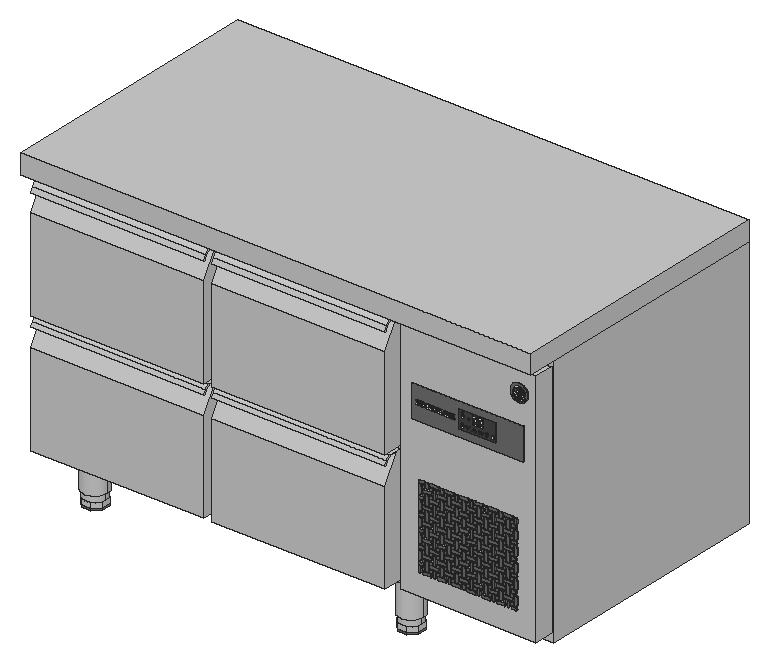
Revit family "QF_HOSHIZAKI_889000830", category Specialty Equipment, Revit 2016 (continued)
Definition of nested family "QF_HOSHIZAKI_ADVANCE_REF-COUNTER-DOORS-DRAWERS"
  Nested families
    nested 4: "2_Drawers_1-2" at (0, 0, 0), Section size <- "Section size", type "2 Drawers 1-2"
      with Worktop thickness 50 mm, Section size 446 mm, Legs height 0 mm, Height Actual 700 mm, Depth Actual 0 mm, 2 Drawers no
    nested 5: "3_Drawers_1-3_2-3" at (0, 0, 0), Section size <- "Section size", type "2 Drawers 1-3 and 2-3"
      with Worktop thickness 40 mm, Section size 446 mm, Legs height 0 mm, Height Actual 750 mm, Depth Actual 0 mm, 2 Drawers 1-3 and 2-3 no
    nested 6: "Right_Glass_Door" at (0, 0, 0), Section size <- "Section size", type "Right glass door"
      with Worktop thickness 40 mm, Section size 446 mm, Legs height 0 mm, Height Actual 750 mm, Depth Actual 0 mm, Right hand hinged glass door no
    nested 7: "Left_Glass_Door" at (0, 0, 0), Section size <- "Section size", type "Left glass door"
      with Worktop thickness 40 mm, Section size 446 mm, Legs height 0 mm, Height Actual 750 mm, Depth Actual 0 mm, Left hand hinged glass door no
  Definition of nested family "3_Drawers_1-3"
    Parameters (values of type "3 Drawers 1-3")
      Worktop thickness [instance] = 50 mm
      URL = "www.specifiglobal.com"
      Section size [instance] = 446 mm
      Model = ""
      Manufacturer = "DEMO CONSULTANT"
      Legs height [instance] = 150 mm
      Height Actual [instance] = 850 mm
      Description = ""
      Depth Actual [instance] = 700 mm
      Assembly Code = "E1090320"
      3 Drawers = yes
    Reference planes
      plane 1 "Back": y = 0
      plane 2: z = 0
      plane 3 "Left": x = 0
      plane 4 "Right": x = 446
      plane 5 "Front": y = -700
      plane 6 "Top": z = 850
      plane 7 "Front door": y = -633
      plane 8 "Bottom shelf": z = 150
      plane 9 "Worktop bottom": z = 800
      plane 10: z = 784
      plane 11: z = 170
      plane 12: z = 584
      plane 13: z = 577
      plane 14: z = 370
      plane 15: z = 377
      plane 16: z = 580.5
      plane 17: z = 373.5
      plane 18: z = 166.5
      plane 19: z = 787.5
    Forms (mm)
      Extrusion 1, solid, visible <- "3 Drawers"
        sketch origin (860, -633, 4000) x (-1, 0, 0) y (0, 0, 1)
          loop
            line (852, -3224) -> (422, -3224) -> (422, -3408) -> (852, -3408) -> (852, -3224)
          loop
            line (823, -3253) -> (451, -3253) -> (451, -3379) -> (823, -3379) -> (823, -3253)
        from 0 to -11
      Extrusion 2, solid, visible <- "3 Drawers"
        sketch origin (0, 0, 0) x (0, 1, 0) y (0, 0, 1)
          loop
            line (-644, 784) -> (-675.296, 784)
            arc (-675.296, 784) -> (-683.245, 781.721) -> (-688.778, 775.576) r 15
            line (-688.778, 775.576) -> (-694, 764.869) -> (-692.202, 763.992) -> (-686.981, 774.699)
            arc (-686.981, 774.699) -> (-682.185, 780.025) -> (-675.296, 782) r 13
            line (-675.296, 782) -> (-656.484, 782) -> (-694, 717.02) -> (-694, 584) -> (-644, 584) -> (-644, 784)
        from 0 to 446
      Extrusion 3, solid, visible <- "3 Drawers"
        sketch origin (0, 0, -237.3) x (0, 1, 0) y (0, 0, 1)
          loop
            line (-644, 814.3) -> (-675.296, 814.3)
            arc (-675.296, 814.3) -> (-683.245, 812.021) -> (-688.778, 805.876) r 15
            line (-688.778, 805.876) -> (-694, 795.169) -> (-692.202, 794.292) -> (-686.981, 804.999)
            arc (-686.981, 804.999) -> (-682.185, 810.325) -> (-675.296, 812.3) r 13
            line (-675.296, 812.3) -> (-656.484, 812.3) -> (-694, 747.32) -> (-694, 614.3) -> (-644, 614.3) -> (-644, 814.3)
        from 0 to 446
      Extrusion 4, solid, visible <- "3 Drawers"
        sketch origin (0, 0, -463.333) x (0, 1, 0) y (0, 0, 1)
          loop
            line (-644, 833.333) -> (-675.296, 833.333)
            arc (-675.296, 833.333) -> (-683.245, 831.054) -> (-688.778, 824.909) r 15
            line (-688.778, 824.909) -> (-694, 814.202) -> (-692.202, 813.326) -> (-686.981, 824.032)
            arc (-686.981, 824.032) -> (-682.185, 829.358) -> (-675.296, 831.333) r 13
            line (-675.296, 831.333) -> (-656.484, 831.333) -> (-694, 766.353) -> (-694, 633.333) -> (-644, 633.333) -> (-644, 833.333)
        from 0 to 446
      Extrusion 5, solid, visible <- "3 Drawers"
        sketch origin (860, -633, 3773.7) x (-1, 0, 0) y (0, 0, 1)
          loop
            line (852, -3204.7) -> (422, -3204.7) -> (422, -3388.7) -> (852, -3388.7) -> (852, -3204.7)
          loop
            line (823, -3233.7) -> (451, -3233.7) -> (451, -3359.7) -> (823, -3359.7) -> (823, -3233.7)
        from 0 to -11
      Extrusion 6, solid, visible <- "3 Drawers"
        sketch origin (860, -633, 3547) x (-1, 0, 0) y (0, 0, 1)
          loop
            line (852, -3185) -> (422, -3185) -> (422, -3369) -> (852, -3369) -> (852, -3185)
          loop
            line (823, -3214) -> (451, -3214) -> (451, -3340) -> (823, -3340) -> (823, -3214)
        from 0 to -11
      Extrusion 7, solid, visible <- "3 Drawers", detail levels coarse
        sketch origin (0, -608.657, 584) x (0, 1, 0) y (-1, 0, 0)
          loop
            line (-85.343, 0) -> (-551.343, 0) -> (-551.343, -446) -> (-85.343, -446) -> (-85.343, 0)
        from 0 to 200
      Extrusion 8, solid, visible <- "3 Drawers", detail levels coarse
        sketch origin (0, -503.657, 377) x (0, 1, 0) y (-1, 0, 0)
          loop
            line (-190.343, 0) -> (-656.343, 0) -> (-656.343, -446) -> (-190.343, -446) -> (-190.343, 0)
        from 0 to 200
      Extrusion 9, solid, visible <- "3 Drawers", detail levels coarse
        sketch origin (0, -343.657, 170) x (0, 1, 0) y (-1, 0, 0)
          loop
            line (-350.343, 0) -> (-816.343, 0) -> (-816.343, -446) -> (-350.343, -446) -> (-350.343, 0)
        from 0 to 200
    Lines and regions (mm)
      symbolic lines, visible <- "3 Drawers"
        curve 1: line (0, -808, 850) -> (0, -854, 850)
        curve 2: line (0, -854, 850) -> (446, -854, 850)
        curve 3: line (446, -854, 850) -> (446, -808, 850)
        curve 4: line (446, -808, 850) -> (0, -808, 850)
        curve 5: line (416, -808, 850) -> (416, -700, 850)
        curve 6: line (30, -808, 850) -> (30, -700, 850)
        curve 7: line (0, -961, 850) -> (0, -1007, 850)
        curve 8: line (0, -1007, 850) -> (446, -1007, 850)
        curve 9: line (446, -1007, 850) -> (446, -961, 850)
        curve 10: line (446, -961, 850) -> (0, -961, 850)
        curve 11: line (416, -961, 850) -> (416, -854, 850)
        curve 12: line (30, -961, 850) -> (30, -854, 850)
        curve 13: line (0, -1114, 850) -> (0, -1160, 850)
        curve 14: line (0, -1160, 850) -> (446, -1160, 850)
        curve 15: line (446, -1160, 850) -> (446, -1114, 850)
        curve 16: line (446, -1114, 850) -> (0, -1114, 850)
        curve 17: line (416, -1114, 850) -> (416, -1007, 850)
        curve 18: line (30, -1114, 850) -> (30, -1007, 850)
    Dimensions and locks
      "Section size": plane 3 "Left" to plane 4 "Right"
      "Depth Actual": plane 5 "Front" to plane 1 "Back"
      "Height Actual": plane 6 "Top" to level
      locked: plane 7 "Front door" to plane 5 "Front" at 67
      "Legs height": plane 8 "Bottom shelf" to plane 2
      "Worktop thickness": plane 6 "Top" to plane 9 "Worktop bottom"
      locked: plane 11 to plane 8 "Bottom shelf" at 20
      locked: plane 9 "Worktop bottom" to plane 10 at 16
      locked: plane 12 to plane 13 at 7
      locked: plane 15 to plane 14 at 7
      locked: plane 11 to plane 18 at 3.5
      equal spacing: plane 12, plane 16, plane 13
      equal spacing: plane 15, plane 17, plane 14
      locked: plane 19 to plane 10 at 3.5
      equal spacing: plane 19, plane 16, plane 17, plane 18
      aligned and locked: level to plane 2
      aligned and locked: Extrusion 2 to plane 4 "Right"
      aligned and locked: Extrusion 3 to plane 4 "Right"
      aligned and locked: Extrusion 4 to plane 4 "Right"
      aligned and locked: plane 4 "Right" to Extrusion 7 sketch curve
      aligned and locked: plane 3 "Left" to Extrusion 7 sketch curve
      aligned and locked: Extrusion 7 to plane 10
      aligned and locked: Extrusion 8 to plane 13
      aligned and locked: Extrusion 9 to plane 14
      aligned and locked: plane 10 to Extrusion 2 sketch curve
      aligned and locked: Extrusion 2 sketch curve to plane 12
      aligned and locked: Extrusion 3 sketch curve to plane 15
      aligned and locked: plane 13 to Extrusion 3 sketch curve
    Automatic sketch dimensions
      plane 4 "Right" to Extrusion 1 sketch curve = 8 mm
      plane 4 "Right" to Extrusion 1 sketch curve = 37 mm
      plane 3 "Left" to Extrusion 1 sketch curve = 37 mm
      plane 3 "Left" to Extrusion 1 sketch curve = 8 mm
      plane 12 to Extrusion 1 sketch curve = 8 mm
      plane 12 to Extrusion 1 sketch curve = 37 mm
      Extrusion 1 sketch curve to plane 10 = 37 mm
      Extrusion 1 sketch curve to plane 10 = 8 mm
      plane 4 "Right" to Extrusion 5 sketch curve = 8 mm
      plane 4 "Right" to Extrusion 5 sketch curve = 37 mm
      plane 3 "Left" to Extrusion 5 sketch curve = 37 mm
      plane 3 "Left" to Extrusion 5 sketch curve = 8 mm
      plane 15 to Extrusion 5 sketch curve = 8 mm
      plane 15 to Extrusion 5 sketch curve = 37 mm
      Extrusion 5 sketch curve to plane 13 = 37 mm
      Extrusion 5 sketch curve to plane 13 = 8 mm
      plane 4 "Right" to Extrusion 6 sketch curve = 8 mm
      plane 4 "Right" to Extrusion 6 sketch curve = 37 mm
      plane 3 "Left" to Extrusion 6 sketch curve = 37 mm
      plane 3 "Left" to Extrusion 6 sketch curve = 8 mm
      plane 11 to Extrusion 6 sketch curve = 8 mm
      plane 11 to Extrusion 6 sketch curve = 37 mm
      Extrusion 6 sketch curve to plane 14 = 37 mm
      Extrusion 6 sketch curve to plane 14 = 8 mm
      Extrusion 7 sketch curve to plane 5 "Front" = 460 mm
      plane 5 "Front" to Extrusion 7 sketch curve = 6 mm
      Extrusion 8 sketch curve to plane 3 "Left" = 0 mm
      Extrusion 8 sketch curve to plane 4 "Right" = 0 mm
      Extrusion 8 sketch curve to plane 5 "Front" = 460 mm
      plane 5 "Front" to Extrusion 8 sketch curve = 6 mm
      Extrusion 9 sketch curve to plane 3 "Left" = 0 mm
      Extrusion 9 sketch curve to plane 4 "Right" = 0 mm
      Extrusion 9 sketch curve to plane 5 "Front" = 460 mm
      plane 5 "Front" to Extrusion 9 sketch curve = 6 mm
      curve 13 to plane 3 "Left" = 0 mm
      curve 14 to plane 4 "Right" = 0 mm
      curve 7 to plane 3 "Left" = 0 mm
      curve 8 to plane 4 "Right" = 0 mm
      curve 1 to plane 3 "Left" = 0 mm
      curve 3 to plane 4 "Right" = 0 mm
      curve 6 to plane 5 "Front" = 0 mm
      curve 5 to plane 5 "Front" = 0 mm
      curve 1 to plane 5 "Front" = 108 mm
      curve 2 to curve 3 = 46 mm
      curve 7 to curve 1 = 107 mm
      curve 9 to curve 9 = 46 mm
      curve 16 to curve 7 = 107 mm
      curve 14 to curve 13 = 46 mm
      curve 8 to curve 17 = 30 mm
      curve 9 to curve 11 = 30 mm
      curve 3 to curve 5 = 30 mm
      plane 3 "Left" to curve 6 = 30 mm
      plane 3 "Left" to curve 18 = 30 mm
      plane 3 "Left" to curve 12 = 30 mm
      Extrusion 2 sketch curve to Extrusion 2 sketch curve = 0 mm  (x3)
      plane 5 "Front" to Extrusion 2 sketch curve = 6 mm  (x2)
      Extrusion 2 sketch curve to Extrusion 2 sketch curve = 1.798 mm  (x2)
      Extrusion 2 sketch curve to Extrusion 2 sketch curve = 11.684 mm
      plane 5 "Front" to Extrusion 2 sketch curve = 43.516 mm
      plane 5 "Front" to Extrusion 2 sketch curve = 56 mm
      Extrusion 2 sketch curve to plane 10 = 66.98 mm
      Extrusion 3 sketch curve to Extrusion 3 sketch curve = 0 mm  (x4)
      Extrusion 3 sketch curve to Extrusion 3 sketch curve = 1.798 mm  (x2)
      plane 5 "Front" to Extrusion 3 sketch curve = 11.222 mm
      Extrusion 3 sketch curve to Extrusion 3 sketch curve = 18.812 mm
      Extrusion 3 sketch curve to plane 7 "Front door" = 11 mm
      Extrusion 3 sketch curve to Extrusion 3 sketch curve = 46.972 mm
      Extrusion 4 sketch curve to Extrusion 4 sketch curve = 0 mm  (x2)
      Extrusion 4 sketch curve to plane 11 = 0 mm
      Extrusion 4 sketch curve to plane 14 = 0 mm
      Extrusion 4 sketch curve to plane 7 "Front door" = 61 mm  (x2)
      Extrusion 4 sketch curve to Extrusion 4 sketch curve = 1.798 mm  (x2)
      Extrusion 4 sketch curve to plane 14 = 8.424 mm
      Extrusion 4 sketch curve to Extrusion 4 sketch curve = 5.222 mm
      Extrusion 4 sketch curve to plane 14 = 9.301 mm
      Extrusion 4 sketch curve to plane 7 "Front door" = 42.296 mm
      Extrusion 4 sketch curve to plane 7 "Front door" = 23.484 mm
      Extrusion 4 sketch curve to plane 7 "Front door" = 11 mm
      Extrusion 4 sketch curve to Extrusion 4 sketch curve = 46.972 mm
      plane 5 "Front" to Extrusion 2 sketch curve = 11.222 mm
      plane 5 "Front" to Extrusion 3 sketch curve = 7.798 mm
      plane 5 "Front" to Extrusion 3 sketch curve = 6 mm
      Extrusion 3 sketch curve to Extrusion 3 sketch curve = 11.684 mm
      Extrusion 3 sketch curve to Extrusion 3 sketch curve = 66.98 mm
      Extrusion 3 sketch curve to Extrusion 3 sketch curve = 0.877 mm
      Extrusion 2 sketch curve to plane 10 = 20.008 mm
      Extrusion 2 sketch curve to Extrusion 2 sketch curve = 0.877 mm
  Definition of nested family "Right_Door"
    Parameters (values of type "Right door")
      Worktop thickness [instance] = 50 mm
      URL = "www.specifiglobal.com"
      Section size [instance] = 446 mm
      Right hand hinged door = yes
      Model = ""
      Manufacturer = "DEMO CONSULTANT"
      Legs height [instance] = 150 mm
      Height Actual [instance] = 850 mm
      Description = ""
      Depth Actual [instance] = 700 mm
      Assembly Code = "E1090320"
    Reference planes
      plane 1 "Back": y = 0
      plane 2: z = 0
      plane 3 "Left": x = 0
      plane 4 "Right": x = 446
      plane 5 "Front": y = -700
      plane 6 "Top": z = 850
      plane 7 "Front door": y = -633
      plane 8 "Bottom shelf": z = 150
      plane 9 "Worktop bottom": z = 800
      plane 10: z = 784
      plane 11: z = 170
    Forms (mm)
      Extrusion 1, solid, visible <- "Right hand hinged door", detail levels coarse
        sketch origin (0, -608.657, 170) x (0, 1, 0) y (-1, 0, 0)
          loop
            arc (-85.343, 0) -> (-400.712, -130.63) -> (-531.343, -446) r 446
            line (-531.343, -446) -> (-85.343, -446) -> (-85.343, 0)
        from 0 to 614
      Extrusion 2, solid, visible <- "Right hand hinged door"
        sketch origin (860, -633, 4000) x (-1, 0, 0) y (0, 0, 1)
          loop
            line (852, -3224) -> (422, -3224) -> (422, -3822) -> (852, -3822) -> (852, -3224)
          loop
            line (823, -3253) -> (451, -3253) -> (451, -3793) -> (823, -3793) -> (823, -3253)
        from 0 to -11
      Extrusion 3, solid, visible <- "Right hand hinged door"
        sketch origin (0, 0, 0) x (0, 1, 0) y (0, 0, 1)
          loop
            line (-644, 784) -> (-675.296, 784)
            arc (-675.296, 784) -> (-683.245, 781.721) -> (-688.778, 775.576) r 15
            line (-688.778, 775.576) -> (-694, 764.869) -> (-692.202, 763.992) -> (-686.981, 774.699)
            arc (-686.981, 774.699) -> (-682.185, 780.025) -> (-675.296, 782) r 13
            line (-675.296, 782) -> (-656.484, 782) -> (-694, 717.02) -> (-694, 170) -> (-644, 170) -> (-644, 784)
        from 0 to 446
    Lines and regions (mm)
      symbolic lines, visible <- "Right hand hinged door"
        curve 1: line (446, -700, 850) -> (446, -1140, 850)
        curve 2: arc (0.04, -700, 850) -> (132.759, -1011.484, 850) -> (446, -1140, 850) r 446
    Dimensions and locks
      "Section size": plane 3 "Left" to plane 4 "Right"
      "Depth Actual": plane 5 "Front" to plane 1 "Back"
      "Height Actual": plane 6 "Top" to level
      locked: plane 7 "Front door" to plane 5 "Front" at 67
      "Legs height": plane 8 "Bottom shelf" to plane 2
      "Worktop thickness": plane 6 "Top" to plane 9 "Worktop bottom"
      locked: plane 11 to plane 8 "Bottom shelf" at 20
      locked: plane 9 "Worktop bottom" to plane 10 at 16
      aligned and locked: level to plane 2
      aligned and locked: Extrusion 1 to plane 10
      aligned and locked: Extrusion 3 to plane 4 "Right"
      aligned and locked: curve 2 to Extrusion 1
      aligned and locked: plane 10 to Extrusion 3 sketch curve
      aligned and locked: Extrusion 3 sketch curve to plane 11
    Automatic sketch dimensions
      plane 4 "Right" to Extrusion 2 sketch curve = 8 mm
      plane 4 "Right" to Extrusion 2 sketch curve = 37 mm
      plane 3 "Left" to Extrusion 2 sketch curve = 37 mm
      plane 3 "Left" to Extrusion 2 sketch curve = 8 mm
      plane 11 to Extrusion 2 sketch curve = 8 mm
      plane 11 to Extrusion 2 sketch curve = 37 mm
      Extrusion 2 sketch curve to plane 10 = 37 mm
      Extrusion 2 sketch curve to plane 10 = 8 mm
      Extrusion 1 sketch curve to plane 4 "Right" = 0 mm
      Extrusion 1 sketch curve to plane 3 "Left" = 0 mm
      plane 5 "Front" to Extrusion 1 sketch curve = 6 mm
      curve 1 to plane 5 "Front" = 0 mm
      curve 2 to plane 5 "Front" = 0 mm
      Extrusion 3 sketch curve to Extrusion 3 sketch curve = 0 mm  (x2)
      Extrusion 3 sketch curve to plane 7 "Front door" = 61 mm  (x2)
      Extrusion 3 sketch curve to Extrusion 3 sketch curve = 1.798 mm  (x2)
      Extrusion 3 sketch curve to plane 10 = 8.424 mm
      Extrusion 3 sketch curve to Extrusion 3 sketch curve = 5.222 mm
      Extrusion 3 sketch curve to plane 10 = 9.301 mm
      Extrusion 3 sketch curve to plane 7 "Front door" = 42.296 mm
      Extrusion 3 sketch curve to plane 7 "Front door" = 23.484 mm
      Extrusion 3 sketch curve to Extrusion 3 sketch curve = 12.484 mm
      Extrusion 3 sketch curve to Extrusion 3 sketch curve = 46.972 mm
  Definition of nested family "Left_Door"
    Parameters (values of type "Left door")
      Worktop thickness [instance] = 50 mm
      URL = "www.specifiglobal.com"
      Section size [instance] = 450 mm
      Model = ""
      Manufacturer = "DEMO CONSULTANT"
      Legs height [instance] = 150 mm
      Left hand hinged door = yes
      Height Actual [instance] = 850 mm
      Description = ""
      Depth Actual [instance] = 700 mm
      Assembly Code = "E1090320"
    Reference planes
      plane 1 "Back": y = 0
      plane 2: z = 0
      plane 3 "Left": x = 0
      plane 4 "Right": x = 450
      plane 5 "Front": y = -700
      plane 6 "Top": z = 850
      plane 7 "Front door": y = -633
      plane 8 "Bottom shelf": z = 150
      plane 9 "Worktop bottom": z = 800
      plane 10: z = 784
      plane 11: z = 170
    Forms (mm)
      Extrusion 1, solid, visible <- "Left hand hinged door"
        sketch origin (860, -633, 4000) x (-1, 0, 0) y (0, 0, 1)
          loop
            line (852, -3224) -> (418, -3224) -> (418, -3822) -> (852, -3822) -> (852, -3224)
          loop
            line (823, -3253) -> (447, -3253) -> (447, -3793) -> (823, -3793) -> (823, -3253)
        from 0 to -11
      Extrusion 2, solid, visible <- "Left hand hinged door"
        sketch origin (0, 0, 0) x (0, 1, 0) y (0, 0, 1)
          loop
            line (-644, 784) -> (-675.296, 784)
            arc (-675.296, 784) -> (-683.245, 781.721) -> (-688.778, 775.576) r 15
            line (-688.778, 775.576) -> (-694, 764.869) -> (-692.202, 763.992) -> (-686.981, 774.699)
            arc (-686.981, 774.699) -> (-682.185, 780.025) -> (-675.296, 782) r 13
            line (-675.296, 782) -> (-656.484, 782) -> (-694, 717.02) -> (-694, 170) -> (-644, 170) -> (-644, 784)
        from 0 to 450
      Extrusion 3, solid, visible <- "Left hand hinged door", detail levels coarse
        sketch origin (0, -608.657, 170) x (0, 1, 0) y (-1, 0, 0)
          loop
            line (-85.343, -450) -> (-85.343, 0) -> (-535.343, 0)
            arc (-535.343, 0) -> (-403.541, -318.198) -> (-85.343, -450) r 450
        from 0 to 614
    Lines and regions (mm)
      symbolic lines, visible <- "Left hand hinged door"
        curve 1: line (0, -700, 850) -> (0, -1144, 850)
        curve 2: arc (0, -1144, 850) -> (316.07, -1014.312, 850) -> (449.96, -700, 850) r 450
    Dimensions and locks
      "Section size": plane 3 "Left" to plane 4 "Right"
      "Depth Actual": plane 5 "Front" to plane 1 "Back"
      "Height Actual": plane 6 "Top" to level
      locked: plane 7 "Front door" to plane 5 "Front" at 67
      "Legs height": plane 8 "Bottom shelf" to plane 2
      "Worktop thickness": plane 6 "Top" to plane 9 "Worktop bottom"
      locked: plane 11 to plane 8 "Bottom shelf" at 20
      locked: plane 9 "Worktop bottom" to plane 10 at 16
      aligned and locked: level to plane 2
      aligned and locked: Extrusion 2 to plane 4 "Right"
      aligned and locked: Extrusion 3 to plane 10
      aligned and locked: curve 2 to Extrusion 3
      aligned and locked: plane 10 to Extrusion 2 sketch curve
      aligned and locked: Extrusion 2 sketch curve to plane 11
    Automatic sketch dimensions
      plane 4 "Right" to Extrusion 1 sketch curve = 8 mm
      plane 4 "Right" to Extrusion 1 sketch curve = 37 mm
      plane 3 "Left" to Extrusion 1 sketch curve = 37 mm
      plane 3 "Left" to Extrusion 1 sketch curve = 8 mm
      plane 11 to Extrusion 1 sketch curve = 8 mm
      plane 11 to Extrusion 1 sketch curve = 37 mm
      Extrusion 1 sketch curve to plane 10 = 37 mm
      Extrusion 1 sketch curve to plane 10 = 8 mm
      Extrusion 3 sketch curve to plane 3 "Left" = 0 mm
      Extrusion 3 sketch curve to plane 4 "Right" = 0 mm
      plane 5 "Front" to Extrusion 3 sketch curve = 6 mm
      curve 1 to plane 5 "Front" = 0 mm
      curve 2 to plane 5 "Front" = 0 mm
      Extrusion 2 sketch curve to Extrusion 2 sketch curve = 0 mm  (x2)
      plane 5 "Front" to Extrusion 2 sketch curve = 6 mm  (x2)
      Extrusion 2 sketch curve to Extrusion 2 sketch curve = 1.798 mm
      plane 5 "Front" to Extrusion 2 sketch curve = 11.222 mm
      Extrusion 2 sketch curve to Extrusion 2 sketch curve = 11.684 mm
      Extrusion 2 sketch curve to Extrusion 2 sketch curve = 18.812 mm
      Extrusion 2 sketch curve to plane 7 "Front door" = 11 mm
      Extrusion 2 sketch curve to plane 10 = 66.98 mm
      Extrusion 2 sketch curve to plane 10 = 20.008 mm
      Extrusion 2 sketch curve to Extrusion 2 sketch curve = 0.877 mm  (x2)
  Definition of nested family "2_Drawers_1-2"
    Parameters (values of type "2 Drawers 1-2")
      Worktop thickness [instance] = 50 mm
      URL = "www.specifiglobal.com"
      Section size [instance] = 446 mm
      Model = ""
      Manufacturer = "DEMO CONSULTANT"
      Legs height [instance] = 150 mm
      Height Actual [instance] = 850 mm
      Description = ""
      Depth Actual [instance] = 700 mm
      Assembly Code = "E1090320"
      2 Drawers = yes
    Reference planes
      plane 1 "Back": y = 0
      plane 2: z = 0
      plane 3 "Left": x = 0
      plane 4 "Right": x = 446
      plane 5 "Front": y = -700
      plane 6 "Top": z = 850
      plane 7 "Front door": y = -633
      plane 8 "Bottom shelf": z = 150
      plane 9 "Worktop bottom": z = 800
      plane 10: z = 784
      plane 11: z = 170
      plane 12: z = 481
      plane 13: z = 473
      plane 14: z = 477
      plane 15: z = 792
      plane 16: z = 160
    Forms (mm)
      Extrusion 1, solid, visible <- "2 Drawers"
        sketch origin (860, -633, 4000) x (-1, 0, 0) y (0, 0, 1)
          loop
            line (852, -3224) -> (422, -3224) -> (422, -3511) -> (852, -3511) -> (852, -3224)
          loop
            line (823, -3253) -> (451, -3253) -> (451, -3482) -> (823, -3482) -> (823, -3253)
        from 0 to -11
      Extrusion 2, solid, visible <- "2 Drawers"
        sketch origin (0, 0, 0) x (0, 1, 0) y (0, 0, 1)
          loop
            line (-644, 784) -> (-675.296, 784)
            arc (-675.296, 784) -> (-683.245, 781.721) -> (-688.778, 775.576) r 15
            line (-688.778, 775.576) -> (-694, 764.869) -> (-692.202, 763.992) -> (-686.981, 774.699)
            arc (-686.981, 774.699) -> (-682.185, 780.025) -> (-675.296, 782) r 13
            line (-675.296, 782) -> (-656.484, 782) -> (-694, 717.02) -> (-694, 481) -> (-644, 481) -> (-644, 784)
        from 0 to 446
      Extrusion 3, solid, visible <- "2 Drawers"
        sketch origin (0, 0, -463.333) x (0, 1, 0) y (0, 0, 1)
          loop
            line (-644, 936.333) -> (-675.296, 936.333)
            arc (-675.296, 936.333) -> (-683.245, 934.054) -> (-688.778, 927.909) r 15
            line (-688.778, 927.909) -> (-694, 917.202) -> (-692.202, 916.326) -> (-686.981, 927.032)
            arc (-686.981, 927.032) -> (-682.185, 932.358) -> (-675.296, 934.333) r 13
            line (-675.296, 934.333) -> (-656.484, 934.333) -> (-694, 869.353) -> (-694, 633.333) -> (-644, 633.333) -> (-644, 936.333)
        from 0 to 446
      Extrusion 4, solid, visible <- "2 Drawers"
        sketch origin (860, -633, 3547) x (-1, 0, 0) y (0, 0, 1)
          loop
            line (852, -3082) -> (422, -3082) -> (422, -3369) -> (852, -3369) -> (852, -3082)
          loop
            line (823, -3111) -> (451, -3111) -> (451, -3340) -> (823, -3340) -> (823, -3111)
        from 0 to -11
      Extrusion 5, solid, visible <- "2 Drawers", detail levels coarse
        sketch origin (0, -608.657, 481) x (0, 1, 0) y (-1, 0, 0)
          loop
            line (-85.343, 0) -> (-551.343, 0) -> (-551.343, -446) -> (-85.343, -446) -> (-85.343, 0)
        from 0 to 303
      Extrusion 6, solid, visible <- "2 Drawers", detail levels coarse
        sketch origin (0, -343.657, 170) x (0, 1, 0) y (-1, 0, 0)
          loop
            line (-350.343, 0) -> (-816.343, 0) -> (-816.343, -446) -> (-350.343, -446) -> (-350.343, 0)
        from 0 to 303
    Lines and regions (mm)
      symbolic lines, visible <- "2 Drawers"
        curve 1: line (0, -884, 850) -> (0, -930, 850)
        curve 2: line (0, -930, 850) -> (446, -930, 850)
        curve 3: line (446, -930, 850) -> (446, -884, 850)
        curve 4: line (446, -884, 850) -> (0, -884, 850)
        curve 5: line (416, -884, 850) -> (416, -700, 850)
        curve 6: line (30, -884, 850) -> (30, -700, 850)
        curve 7: line (0, -1114, 850) -> (0, -1160, 850)
        curve 8: line (0, -1160, 850) -> (446, -1160, 850)
        curve 9: line (446, -1160, 850) -> (446, -1114, 850)
        curve 10: line (446, -1114, 850) -> (0, -1114, 850)
        curve 11: line (416, -1114, 850) -> (416, -930, 850)
        curve 12: line (30, -1114, 850) -> (30, -930, 850)
    Dimensions and locks
      "Section size": plane 3 "Left" to plane 4 "Right"
      "Depth Actual": plane 5 "Front" to plane 1 "Back"
      "Height Actual": plane 6 "Top" to level
      locked: plane 7 "Front door" to plane 5 "Front" at 67
      "Legs height": plane 8 "Bottom shelf" to plane 2
      "Worktop thickness": plane 6 "Top" to plane 9 "Worktop bottom"
      locked: plane 11 to plane 8 "Bottom shelf" at 20
      locked: plane 9 "Worktop bottom" to plane 10 at 16
      equal spacing: plane 9 "Worktop bottom", plane 15, plane 10
      equal spacing: plane 11, plane 16, plane 8 "Bottom shelf"
      plane 12 to plane 13 = 8 mm
      equal spacing: plane 12, plane 14, plane 13
      equal spacing: plane 10, plane 14, plane 11
      aligned and locked: level to plane 2
      aligned and locked: Extrusion 2 to plane 4 "Right"
      aligned and locked: Extrusion 3 to plane 4 "Right"
      aligned and locked: plane 4 "Right" to Extrusion 5 sketch curve
      aligned and locked: plane 3 "Left" to Extrusion 5 sketch curve
      aligned and locked: Extrusion 5 to plane 10
      aligned and locked: Extrusion 6 to plane 13
      aligned and locked: Extrusion 2 sketch curve to plane 12
      aligned and locked: plane 10 to Extrusion 2 sketch curve
      aligned and locked: Extrusion 3 sketch curve to plane 11
      aligned and locked: plane 13 to Extrusion 3 sketch curve
    Automatic sketch dimensions
      plane 4 "Right" to Extrusion 1 sketch curve = 8 mm
      plane 4 "Right" to Extrusion 1 sketch curve = 37 mm
      plane 3 "Left" to Extrusion 1 sketch curve = 37 mm
      plane 3 "Left" to Extrusion 1 sketch curve = 8 mm
      plane 12 to Extrusion 1 sketch curve = 8 mm
      plane 12 to Extrusion 1 sketch curve = 37 mm
      Extrusion 1 sketch curve to plane 10 = 37 mm
      Extrusion 1 sketch curve to plane 10 = 8 mm
      plane 4 "Right" to Extrusion 4 sketch curve = 8 mm
      plane 4 "Right" to Extrusion 4 sketch curve = 37 mm
      plane 3 "Left" to Extrusion 4 sketch curve = 37 mm
      plane 3 "Left" to Extrusion 4 sketch curve = 8 mm
      plane 11 to Extrusion 4 sketch curve = 8 mm
      plane 11 to Extrusion 4 sketch curve = 37 mm
      Extrusion 4 sketch curve to plane 13 = 37 mm
      Extrusion 4 sketch curve to plane 13 = 8 mm
      Extrusion 5 sketch curve to plane 5 "Front" = 460 mm
      plane 5 "Front" to Extrusion 5 sketch curve = 6 mm
      Extrusion 6 sketch curve to plane 3 "Left" = 0 mm
      Extrusion 6 sketch curve to plane 4 "Right" = 0 mm
      Extrusion 6 sketch curve to plane 5 "Front" = 460 mm
      plane 5 "Front" to Extrusion 6 sketch curve = 6 mm
      curve 8 to plane 3 "Left" = 0 mm
      curve 8 to plane 4 "Right" = 0 mm
      curve 3 to plane 4 "Right" = 0 mm
      curve 1 to plane 3 "Left" = 0 mm
      curve 5 to plane 5 "Front" = 0 mm
      curve 6 to plane 5 "Front" = 0 mm
      curve 4 to plane 5 "Front" = 184 mm
      curve 2 to curve 1 = 46 mm
      curve 7 to curve 1 = 184 mm
      curve 9 to curve 9 = 46 mm
      plane 4 "Right" to curve 5 = 30 mm
      plane 4 "Right" to curve 11 = 30 mm
      plane 3 "Left" to curve 12 = 30 mm
      plane 3 "Left" to curve 6 = 30 mm
      Extrusion 2 sketch curve to Extrusion 2 sketch curve = 0 mm  (x2)
      plane 5 "Front" to Extrusion 2 sketch curve = 6 mm  (x2)
      Extrusion 2 sketch curve to Extrusion 2 sketch curve = 1.798 mm  (x2)
      Extrusion 2 sketch curve to Extrusion 2 sketch curve = 5.222 mm
      plane 5 "Front" to Extrusion 2 sketch curve = 24.704 mm
      plane 5 "Front" to Extrusion 2 sketch curve = 43.516 mm
      plane 5 "Front" to Extrusion 2 sketch curve = 56 mm
      Extrusion 2 sketch curve to Extrusion 2 sketch curve = 46.972 mm
      Extrusion 2 sketch curve to Extrusion 2 sketch curve = 0.877 mm
      Extrusion 2 sketch curve to Extrusion 2 sketch curve = 5.699 mm
      plane 5 "Front" to Extrusion 3 sketch curve = 6 mm  (x2)
      Extrusion 3 sketch curve to Extrusion 3 sketch curve = 1.798 mm  (x2)
      Extrusion 3 sketch curve to Extrusion 3 sketch curve = 5.222 mm
      Extrusion 3 sketch curve to Extrusion 3 sketch curve = 11.684 mm
      plane 5 "Front" to Extrusion 3 sketch curve = 43.516 mm
      plane 5 "Front" to Extrusion 3 sketch curve = 56 mm
      Extrusion 3 sketch curve to Extrusion 3 sketch curve = 46.972 mm
      Extrusion 3 sketch curve to Extrusion 3 sketch curve = 0 mm  (x2)
      Extrusion 3 sketch curve to Extrusion 3 sketch curve = 5.699 mm
      Extrusion 3 sketch curve to Extrusion 3 sketch curve = 0.877 mm
  Definition of nested family "3_Drawers_1-3_2-3"
    Parameters (values of type "2 Drawers 1-3 and 2-3")
      Worktop thickness [instance] = 40 mm
      URL = "www.specifiglobal.com"
      Section size [instance] = 421 mm
      Model = ""
      Manufacturer = "DEMO CONSULTANT"
      Legs height [instance] = 150 mm
      Height Actual [instance] = 900 mm
      Description = ""
      Depth Actual [instance] = 700 mm
      Assembly Code = "E1090320"
      2 Drawers 1-3 and 2-3 = yes
    Reference planes
      plane 1 "Back": y = 0
      plane 2: z = 0
      plane 3 "Left": x = 0
      plane 4 "Right": x = 421
      plane 5 "Front": y = -700
      plane 6 "Top": z = 900
      plane 7 "Front door": y = -633
      plane 8 "Bottom shelf": z = 150
      plane 9 "Worktop bottom": z = 860
      plane 10: z = 841
      plane 11: z = 186
      plane 12: z = 627
      plane 13: z = 620
      plane 14: z = 623.5
      plane 15: z = 850.5
      plane 16: z = 168
    Forms (mm)
      Extrusion 1, solid, visible <- "2 Drawers 1-3 and 2-3"
        sketch origin (860, -633, 4000) x (-1, 0, 0) y (0, 0, 1)
          loop
            line (852, -3167) -> (447, -3167) -> (447, -3365) -> (852, -3365) -> (852, -3167)
          loop
            line (823, -3196) -> (476, -3196) -> (476, -3336) -> (823, -3336) -> (823, -3196)
        from 0 to -11
      Extrusion 2, solid, visible <- "2 Drawers 1-3 and 2-3"
        sketch origin (0, 0, 0) x (0, 1, 0) y (0, 0, 1)
          loop
            line (-644, 841) -> (-675.296, 841)
            arc (-675.296, 841) -> (-683.245, 838.721) -> (-688.778, 832.576) r 15
            line (-688.778, 832.576) -> (-694, 821.869) -> (-692.202, 820.992) -> (-686.981, 831.699)
            arc (-686.981, 831.699) -> (-682.185, 837.025) -> (-675.296, 839) r 13
            line (-675.296, 839) -> (-656.484, 839) -> (-694, 774.02) -> (-694, 627) -> (-644, 627) -> (-644, 841)
        from 0 to 421
      Extrusion 3, solid, visible <- "2 Drawers 1-3 and 2-3"
        sketch origin (0, 0, -463.333) x (0, 1, 0) y (0, 0, 1)
          loop
            line (-644, 1083.333) -> (-675.296, 1083.333)
            arc (-675.296, 1083.333) -> (-683.245, 1081.054) -> (-688.778, 1074.909) r 15
            line (-688.778, 1074.909) -> (-694, 1064.202) -> (-692.202, 1063.326) -> (-686.981, 1074.032)
            arc (-686.981, 1074.032) -> (-682.185, 1079.358) -> (-675.296, 1081.333) r 13
            line (-675.296, 1081.333) -> (-656.484, 1081.333) -> (-694, 1016.353) -> (-694, 649.333) -> (-644, 649.333) -> (-644, 1083.333)
        from 0 to 421
      Extrusion 4, solid, visible <- "2 Drawers 1-3 and 2-3"
        sketch origin (860, -633, 3547) x (-1, 0, 0) y (0, 0, 1)
          loop
            line (852, -2935) -> (447, -2935) -> (447, -3353) -> (852, -3353) -> (852, -2935)
          loop
            line (823, -2964) -> (476, -2964) -> (476, -3324) -> (823, -3324) -> (823, -2964)
        from 0 to -11
      Extrusion 5, solid, visible <- "2 Drawers 1-3 and 2-3", detail levels coarse
        sketch origin (0, -608.657, 627) x (0, 1, 0) y (-1, 0, 0)
          loop
            line (-85.343, 0) -> (-551.343, 0) -> (-551.343, -421) -> (-85.343, -421) -> (-85.343, 0)
        from 0 to 214
      Extrusion 6, solid, visible <- "2 Drawers 1-3 and 2-3", detail levels coarse
        sketch origin (0, -343.657, 186) x (0, 1, 0) y (-1, 0, 0)
          loop
            line (-350.343, 0) -> (-816.343, 0) -> (-816.343, -421) -> (-350.343, -421) -> (-350.343, 0)
        from 0 to 434
    Lines and regions (mm)
      symbolic lines, visible <- "2 Drawers 1-3 and 2-3"
        curve 1: line (0, -804, 900) -> (0, -850, 900)
        curve 2: line (0, -850, 900) -> (421, -850, 900)
        curve 3: line (421, -850, 900) -> (421, -804, 900)
        curve 4: line (421, -804, 900) -> (0, -804, 900)
        curve 5: line (391, -804, 900) -> (391, -700, 900)
        curve 6: line (30, -804, 900) -> (30, -700, 900)
        curve 7: line (0, -1114, 900) -> (0, -1160, 900)
        curve 8: line (0, -1160, 900) -> (421, -1160, 900)
        curve 9: line (421, -1160, 900) -> (421, -1114, 900)
        curve 10: line (421, -1114, 900) -> (0, -1114, 900)
        curve 11: line (391, -1114, 900) -> (391, -850, 900)
        curve 12: line (30, -1114, 900) -> (30, -850, 900)
    Dimensions and locks
      "Section size": plane 3 "Left" to plane 4 "Right"
      "Depth Actual": plane 5 "Front" to plane 1 "Back"
      "Height Actual": plane 6 "Top" to level
      locked: plane 7 "Front door" to plane 5 "Front" at 67
      "Legs height": plane 8 "Bottom shelf" to plane 2
      "Worktop thickness": plane 6 "Top" to plane 9 "Worktop bottom"
      locked: plane 11 to plane 8 "Bottom shelf" at 36
      locked: plane 9 "Worktop bottom" to plane 10 at 19
      locked: plane 12 to plane 13 at 7
      equal spacing: plane 9 "Worktop bottom", plane 15, plane 10
      equal spacing: plane 11, plane 16, plane 8 "Bottom shelf"
      locked: Extrusion 4 sketch curve to plane 13 at 37
      locked: Extrusion 4 sketch curve to plane 13 at 8
      equal spacing: plane 12, plane 14, plane 13
      locked: plane 10 to plane 12 at 214
      aligned and locked: level to plane 2
      aligned and locked: Extrusion 2 to plane 4 "Right"
      aligned and locked: Extrusion 3 to plane 4 "Right"
      aligned and locked: plane 4 "Right" to Extrusion 5 sketch curve
      aligned and locked: plane 3 "Left" to Extrusion 5 sketch curve
      aligned and locked: Extrusion 5 to plane 10
      aligned and locked: Extrusion 6 to plane 13
      aligned and locked: plane 10 to Extrusion 2 sketch curve
      aligned and locked: Extrusion 2 sketch curve to plane 12
      aligned and locked: Extrusion 3 sketch curve to plane 11
      aligned and locked: plane 13 to Extrusion 3 sketch curve
    Automatic sketch dimensions
      plane 4 "Right" to Extrusion 1 sketch curve = 8 mm
      plane 4 "Right" to Extrusion 1 sketch curve = 37 mm
      plane 3 "Left" to Extrusion 1 sketch curve = 37 mm
      plane 3 "Left" to Extrusion 1 sketch curve = 8 mm
      plane 12 to Extrusion 1 sketch curve = 8 mm
      plane 12 to Extrusion 1 sketch curve = 37 mm
      Extrusion 1 sketch curve to plane 10 = 37 mm
      Extrusion 1 sketch curve to plane 10 = 8 mm
      plane 4 "Right" to Extrusion 4 sketch curve = 8 mm
      plane 4 "Right" to Extrusion 4 sketch curve = 37 mm
      plane 3 "Left" to Extrusion 4 sketch curve = 37 mm
      plane 3 "Left" to Extrusion 4 sketch curve = 8 mm
      plane 11 to Extrusion 4 sketch curve = 8 mm
      plane 11 to Extrusion 4 sketch curve = 37 mm
      Extrusion 5 sketch curve to plane 5 "Front" = 460 mm
      plane 5 "Front" to Extrusion 5 sketch curve = 6 mm
      Extrusion 6 sketch curve to plane 3 "Left" = 0 mm
      Extrusion 6 sketch curve to plane 4 "Right" = 0 mm
      Extrusion 6 sketch curve to plane 5 "Front" = 460 mm
      plane 5 "Front" to Extrusion 6 sketch curve = 6 mm
      curve 8 to plane 3 "Left" = 0 mm
      curve 8 to plane 4 "Right" = 0 mm
      curve 3 to plane 4 "Right" = 0 mm
      curve 1 to plane 3 "Left" = 0 mm
      curve 5 to plane 5 "Front" = 0 mm
      curve 6 to plane 5 "Front" = 0 mm
      curve 4 to plane 5 "Front" = 104 mm
      curve 2 to curve 1 = 46 mm
      curve 7 to curve 1 = 264 mm
      curve 9 to curve 9 = 46 mm
      curve 3 to curve 5 = 30 mm
      plane 4 "Right" to curve 11 = 30 mm
      plane 3 "Left" to curve 12 = 30 mm
      plane 3 "Left" to curve 6 = 30 mm
      Extrusion 2 sketch curve to Extrusion 2 sketch curve = 0 mm  (x2)
      Extrusion 2 sketch curve to plane 7 "Front door" = 61 mm  (x2)
      Extrusion 2 sketch curve to Extrusion 2 sketch curve = 1.798 mm  (x2)
      Extrusion 2 sketch curve to Extrusion 2 sketch curve = 5.222 mm
      Extrusion 2 sketch curve to Extrusion 2 sketch curve = 11.684 mm
      Extrusion 2 sketch curve to Extrusion 2 sketch curve = 18.812 mm
      Extrusion 2 sketch curve to Extrusion 2 sketch curve = 50 mm
      Extrusion 2 sketch curve to Extrusion 2 sketch curve = 46.972 mm
      Extrusion 2 sketch curve to Extrusion 2 sketch curve = 0.877 mm
      Extrusion 2 sketch curve to Extrusion 2 sketch curve = 5.699 mm
      Extrusion 3 sketch curve to Extrusion 3 sketch curve = 0 mm  (x2)
      plane 5 "Front" to Extrusion 3 sketch curve = 6 mm  (x2)
      Extrusion 3 sketch curve to Extrusion 3 sketch curve = 1.798 mm  (x2)
      plane 5 "Front" to Extrusion 3 sketch curve = 11.222 mm
      Extrusion 3 sketch curve to Extrusion 3 sketch curve = 11.684 mm
      Extrusion 3 sketch curve to Extrusion 3 sketch curve = 18.812 mm
      Extrusion 3 sketch curve to plane 7 "Front door" = 11 mm
      Extrusion 3 sketch curve to Extrusion 3 sketch curve = 57.679 mm
      Extrusion 3 sketch curve to Extrusion 3 sketch curve = 10.706 mm
      Extrusion 3 sketch curve to Extrusion 3 sketch curve = 5.699 mm
  Definition of nested family "Right_Glass_Door"
    Parameters (values of type "Right glass door")
      Worktop thickness [instance] = 40 mm
      URL = "www.specifiglobal.com"
      Section size [instance] = 421 mm
      Right hand hinged glass door = yes
      Model = ""
      Manufacturer = "DEMO CONSULTANT"
      Legs height [instance] = 150 mm
      Height Actual [instance] = 900 mm
      Description = ""
      Depth Actual [instance] = 700 mm
      Assembly Code = "E1090320"
    Reference planes
      plane 1 "Back": y = 0
      plane 2: z = 0
      plane 3 "Left": x = 0
      plane 4 "Right": x = 421
      plane 5 "Front": y = -700
      plane 6 "Top": z = 900
      plane 7 "Front door": y = -633
      plane 8 "Bottom shelf": z = 150
      plane 9 "Worktop bottom": z = 860
      plane 10: z = 841
      plane 11: z = 186
    Forms (mm)
      Extrusion 1, solid, visible <- "Right hand hinged glass door", detail levels coarse
        sketch origin (0, -608.657, 186) x (0, 1, 0) y (-1, 0, 0)
          loop
            arc (-85.343, 0) -> (-383.035, -123.308) -> (-506.343, -421) r 421
            line (-506.343, -421) -> (-85.343, -421) -> (-85.343, 0)
        from 0 to 655
      Extrusion 2, solid, visible <- "Right hand hinged glass door"
        sketch origin (860, -633, 4000) x (-1, 0, 0) y (0, 0, 1)
          loop
            line (852, -3167) -> (447, -3167) -> (447, -3806) -> (852, -3806) -> (852, -3167)
          loop
            line (823, -3196) -> (476, -3196) -> (476, -3777) -> (823, -3777) -> (823, -3196)
        from 0 to -11
      Extrusion 3, solid, visible <- "Right hand hinged glass door"
        sketch origin (0, -633, 0) x (-1, 0, 0) y (0, 0, 1)
          loop
            line (0, 841) -> (-421, 841) -> (-421, 186) -> (0, 186) -> (0, 841)
          loop
            line (-50, 791) -> (-371, 791) -> (-371, 236) -> (-50, 236) -> (-50, 791)
        from -11 to -61
      Extrusion 4, solid, visible <- "Right hand hinged glass door"
        sketch origin (0, -633, 0) x (-1, 0, 0) y (0, 0, 1)
          loop
            line (-50, 791) -> (-371, 791) -> (-371, 236) -> (-50, 236) -> (-50, 791)
        from -51 to -61
    Lines and regions (mm)
      symbolic lines, visible <- "Right hand hinged glass door"
        curve 1: line (421, -700, 900) -> (421, -1115, 900)
        curve 2: arc (0.043, -700, 900) -> (125.437, -993.806, 900) -> (421, -1115, 900) r 421
    Dimensions and locks
      "Section size": plane 3 "Left" to plane 4 "Right"
      "Depth Actual": plane 5 "Front" to plane 1 "Back"
      "Height Actual": plane 6 "Top" to level
      locked: plane 7 "Front door" to plane 5 "Front" at 67
      "Legs height": plane 8 "Bottom shelf" to plane 2
      "Worktop thickness": plane 6 "Top" to plane 9 "Worktop bottom"
      locked: plane 11 to plane 8 "Bottom shelf" at 36
      locked: plane 9 "Worktop bottom" to plane 10 at 19
      locked: plane 11 to Extrusion 4 sketch curve at 50
      locked: Extrusion 4 sketch curve to plane 3 "Left" at 50
      locked: Extrusion 4 sketch curve to plane 10 at 50
      locked: plane 4 "Right" to Extrusion 4 sketch curve at 50
      aligned and locked: level to plane 2
      aligned and locked: Extrusion 1 to plane 10
      aligned and locked: Extrusion 3 sketch curve to Extrusion 1  (x2)
      aligned and locked: curve 2 to Extrusion 1
    Automatic sketch dimensions
      plane 4 "Right" to Extrusion 2 sketch curve = 8 mm
      plane 4 "Right" to Extrusion 2 sketch curve = 37 mm
      plane 3 "Left" to Extrusion 2 sketch curve = 37 mm
      plane 3 "Left" to Extrusion 2 sketch curve = 8 mm
      plane 11 to Extrusion 2 sketch curve = 8 mm
      plane 11 to Extrusion 2 sketch curve = 37 mm
      Extrusion 2 sketch curve to plane 10 = 37 mm
      Extrusion 2 sketch curve to plane 10 = 8 mm
      plane 4 "Right" to Extrusion 3 sketch curve = 50 mm
      plane 3 "Left" to Extrusion 3 sketch curve = 50 mm
      plane 11 to Extrusion 3 sketch curve = 50 mm
      Extrusion 3 sketch curve to plane 10 = 50 mm
      Extrusion 1 sketch curve to plane 4 "Right" = 0 mm
      Extrusion 1 sketch curve to plane 3 "Left" = 0 mm
      plane 5 "Front" to Extrusion 1 sketch curve = 6 mm
      plane 4 "Right" to Extrusion 3 sketch curve = 0 mm
      Extrusion 3 sketch curve to plane 3 "Left" = 0 mm
      curve 1 to plane 5 "Front" = 0 mm
      curve 2 to plane 5 "Front" = 0 mm
  Definition of nested family "Left_Glass_Door"
    Parameters (values of type "Left glass door")
      Worktop thickness [instance] = 40 mm
      URL = "www.specifiglobal.com"
      Section size [instance] = 421 mm
      Model = ""
      Manufacturer = "DEMO CONSULTANT"
      Legs height [instance] = 150 mm
      Left hand hinged glass door = yes
      Height Actual [instance] = 900 mm
      Description = ""
      Depth Actual [instance] = 700 mm
      Assembly Code = "E1090320"
    Reference planes
      plane 1 "Back": y = 0
      plane 2: z = 0
      plane 3 "Left": x = 0
      plane 4 "Right": x = 421
      plane 5 "Front": y = -700
      plane 6 "Top": z = 900
      plane 7 "Front door": y = -633
      plane 8 "Bottom shelf": z = 150
      plane 9 "Worktop bottom": z = 860
      plane 10: z = 841
      plane 11: z = 186
    Forms (mm)
      Extrusion 1, solid, visible <- "Left hand hinged glass door"
        sketch origin (860, -633, 4000) x (-1, 0, 0) y (0, 0, 1)
          loop
            line (852, -3167) -> (447, -3167) -> (447, -3806) -> (852, -3806) -> (852, -3167)
          loop
            line (823, -3196) -> (476, -3196) -> (476, -3777) -> (823, -3777) -> (823, -3196)
        from 0 to -11
      Extrusion 2, solid, visible <- "Left hand hinged glass door"
        sketch origin (0, -633, 0) x (-1, 0, 0) y (0, 0, 1)
          loop
            line (0, 841) -> (-421, 841) -> (-421, 186) -> (0, 186) -> (0, 841)
          loop
            line (-50, 791) -> (-371, 791) -> (-371, 236) -> (-50, 236) -> (-50, 791)
        from -11 to -61
      Extrusion 3, solid, visible <- "Left hand hinged glass door"
        sketch origin (0, -633, 0) x (-1, 0, 0) y (0, 0, 1)
          loop
            line (-50, 791) -> (-371, 791) -> (-371, 236) -> (-50, 236) -> (-50, 791)
        from -51 to -61
      Extrusion 4, solid, visible <- "Left hand hinged glass door", detail levels coarse
        sketch origin (0, -608.657, 186) x (0, 1, 0) y (-1, 0, 0)
          loop
            line (-85.343, 0) -> (-506.343, 0)
            arc (-506.343, 0) -> (-383.035, -297.692) -> (-85.343, -421) r 421
            line (-85.343, -421) -> (-85.343, 0)
        from 0 to 655
    Lines and regions (mm)
      symbolic lines, visible <- "Left hand hinged glass door"
        curve 1: line (0, -700, 900) -> (0, -1115, 900)
        curve 2: arc (0, -1115, 900) -> (295.563, -993.806, 900) -> (420.957, -700, 900) r 421
    Dimensions and locks
      "Section size": plane 3 "Left" to plane 4 "Right"
      "Depth Actual": plane 5 "Front" to plane 1 "Back"
      "Height Actual": plane 6 "Top" to level
      locked: plane 7 "Front door" to plane 5 "Front" at 67
      "Legs height": plane 8 "Bottom shelf" to plane 2
      "Worktop thickness": plane 6 "Top" to plane 9 "Worktop bottom"
      locked: plane 11 to plane 8 "Bottom shelf" at 36
      locked: plane 9 "Worktop bottom" to plane 10 at 19
      aligned and locked: level to plane 2
      aligned and locked: Extrusion 4 to plane 10
      aligned and locked: Extrusion 4 to curve 1
      aligned and locked: curve 2 to Extrusion 4
    Automatic sketch dimensions
      plane 4 "Right" to Extrusion 1 sketch curve = 8 mm
      plane 4 "Right" to Extrusion 1 sketch curve = 37 mm
      plane 3 "Left" to Extrusion 1 sketch curve = 37 mm
      plane 3 "Left" to Extrusion 1 sketch curve = 8 mm
      plane 11 to Extrusion 1 sketch curve = 8 mm
      plane 11 to Extrusion 1 sketch curve = 37 mm
      Extrusion 1 sketch curve to plane 10 = 37 mm
      Extrusion 1 sketch curve to plane 10 = 8 mm
      plane 4 "Right" to Extrusion 2 sketch curve = 0 mm
      Extrusion 2 sketch curve to plane 3 "Left" = 0 mm
      Extrusion 2 sketch curve to plane 11 = 0 mm
      Extrusion 2 sketch curve to plane 10 = 0 mm
      plane 4 "Right" to Extrusion 2 sketch curve = 50 mm
      plane 3 "Left" to Extrusion 2 sketch curve = 50 mm
      plane 11 to Extrusion 2 sketch curve = 50 mm
      Extrusion 2 sketch curve to plane 10 = 50 mm
      plane 4 "Right" to Extrusion 3 sketch curve = 50 mm
      plane 3 "Left" to Extrusion 3 sketch curve = 50 mm
      plane 11 to Extrusion 3 sketch curve = 50 mm
      Extrusion 3 sketch curve to plane 10 = 50 mm
      Extrusion 4 sketch curve to plane 3 "Left" = 0 mm
      Extrusion 4 sketch curve to plane 4 "Right" = 0 mm
      plane 5 "Front" to Extrusion 4 sketch curve = 6 mm
      curve 1 to plane 5 "Front" = 0 mm
      curve 2 to plane 5 "Front" = 0 mm
Definition of nested family "QF_HOSHIZAKI_ADVANCE_REF-COUNTER-LEGS"
  Parameters (values of type "760660118-7")
    Weight [instance] = 0.00 kg
    URL Cutsheet [instance] = ""
    URL = "www.hoshizaki-europe.com"
    Status [instance] = ""
    Specification by User [instance] = ""
    Specification by Manufacturer [instance] = ""
    Serial Number [instance] = ""
    Seismic Rating [instance] = ""
    SMACNA No [instance] = ""
    Revision Code [instance] = ""
    NAFEM Spec ID Number [instance] = ""
    Model = "L1"
    Masterspec [instance] = ""
    Manufacturer = "HOSHIZAKI"
    Length Actual [instance] = 2246 mm
    Legs visibility = yes
    Legs inset right [instance] = 430 mm
    Legs inset rear [instance] = 70 mm
    Legs inset left [instance] = 70 mm
    Legs inset front [instance] = 153 mm
    Item Number [instance] = ""
    Installed By [instance] = ""
    Identify Quantity as Lot [instance] = no
    Height Actual [instance] = 150 mm
    Furnished By [instance] = ""
    Foodservice Equipment Identifier [instance] = no
    Description = "SET OF LEGS 130-180MM FOR ADVANCE COUNTER - 4 SECTIONS"
    Depth Actual [instance] = 700 mm
    Cost = 0
    Central Legs [instance] = if(Length Actual > 2300 mm, 2 > 1, 2 < 1)  # no
    CSI MasterFormat [instance] = ""
    Assembly Code = "E1090320"
    Accessory [instance] = yes
  Reference planes
    plane 1 "Back": y = 0
    plane 2: z = 0
    plane 3 "Left": x = 0
    plane 4 "Right": x = 2246
    plane 5 "Front": y = -700
    plane 6 "Top": z = 150
    plane 7 "Left offset": x = 70
    plane 8 "Right offset": x = 1816
    plane 9 "Rear offset": y = -70
    plane 10 "Front offset": y = -547
    plane 11 "Central": x = 943
  Dimensions and locks
    "Length Actual": plane 3 "Left" to plane 4 "Right"
    "Depth Actual": plane 5 "Front" to plane 1 "Back"
    "Legs inset left": plane 3 "Left" to plane 7 "Left offset"
    "Legs inset right": plane 8 "Right offset" to plane 4 "Right"
    "Legs inset rear": plane 9 "Rear offset" to plane 1 "Back"
    "Legs inset front": plane 10 "Front offset" to plane 5 "Front"
    "Height Actual": plane 6 "Top" to plane 2
    equal spacing: plane 7 "Left offset", plane 11 "Central", plane 8 "Right offset"
    aligned and locked: level to plane 2
    aligned and locked: nested 1 to plane 9 "Rear offset"
    aligned and locked: nested 2 to plane 9 "Rear offset"
    aligned and locked: nested 1 to plane 7 "Left offset"
    aligned and locked: nested 2 to plane 8 "Right offset"
    aligned and locked: nested 3 to plane 10 "Front offset"
    aligned and locked: nested 4 to plane 10 "Front offset"
    aligned and locked: nested 3 to plane 7 "Left offset"
    aligned and locked: nested 4 to plane 8 "Right offset"
    aligned and locked: nested 6 to plane 11 "Central"
    aligned and locked: nested 5 to plane 11 "Central"
    aligned and locked: nested 5 to plane 9 "Rear offset"
    aligned and locked: nested 6 to plane 10 "Front offset"
  Nested families
    nested 1: "LEGS" at (70, -70, 0), visible <- "Legs visibility", type "LEG"
    nested 2: "LEGS" at (1816, -70, 0), visible <- "Legs visibility", type "LEG"
    nested 3: "LEGS" at (70, -547, 0), visible <- "Legs visibility", type "LEG"
    nested 4: "LEGS" at (1816, -547, 0), visible <- "Legs visibility", type "LEG"
    nested 5: "LEGS" at (943, -70, 0), visible <- "Central Legs", type "LEG"
    nested 6: "LEGS" at (943, -547, 0), visible <- "Central Legs", type "LEG"
  Definition of nested family "LEGS"
    Parameters (values of type "LEG")
      Legs visibility = yes
      Legs height = 150 mm
    Reference planes
      plane 1 "Center (Front/Back)": y = 0
      plane 2: z = 0
      plane 3 "Center (Left/Right)": x = 0
      plane 4 "Top": z = 150
    Forms (mm)
      Extrusion 1, solid, visible <- "Legs visibility"
        sketch origin (0, 0, 150) x (0, 1, 0) y (-1, 0, 0)
          loop
            line (40, 40) -> (-40, 40) -> (-40, -40) -> (40, -40) -> (40, 40)
        from 0 to -3
      Extrusion 2, solid, visible <- "Legs visibility"
        sketch origin (-199.986, 580, 0) x (1, 0, 0) y (0, 1, 0)
          loop
            circle (199.986, -580) r 28
        from 17.959 to 35
      Extrusion 3, solid, visible <- "Legs visibility"
        sketch origin (-199.986, 580, 0) x (1, 0, 0) y (0, 1, 0)
          loop
            line (171.486, -591.805) -> (188.181, -608.5) -> (211.791, -608.5) -> (228.486, -591.805) -> (228.486, -568.195) -> (211.791, -551.5) -> (188.181, -551.5) -> (171.486, -568.195) -> (171.486, -591.805)
        from 0 to 5
      Sweep 4, solid, visible <- "Legs visibility"
        path origin (0, 0, 0) x (0, 1, 0) y (0, 0, 1)
          loop
            line (0, 147) -> (0, 35)
        profile origin (0, 0, 91) x (1, 0, 0) y (0, 1, 0)
          loop
            circle (0, 0) r 32
      Extrusion 5, solid, visible <- "Legs visibility"
        sketch origin (-199.986, 580, 0) x (1, 0, 0) y (0, 1, 0)
          loop
            line (188.388, -552) -> (171.986, -568.402) -> (171.986, -591.598) -> (188.388, -608) -> (211.584, -608) -> (227.986, -591.598) -> (227.986, -568.402) -> (211.584, -552) -> (188.388, -552)
        from 5 to 17.959
    Dimensions and locks
      "Legs height": plane 4 "Top" to plane 2
      aligned and locked: level to plane 2
    Automatic sketch dimensions
      plane 1 "Center (Front/Back)" to Extrusion 1 sketch curve = 40 mm
      Extrusion 1 sketch curve to plane 1 "Center (Front/Back)" = 40 mm
      plane 3 "Center (Left/Right)" to Extrusion 1 sketch curve = 40 mm
      Extrusion 1 sketch curve to plane 3 "Center (Left/Right)" = 40 mm
      plane 1 "Center (Front/Back)" to Extrusion 2 sketch curve = 0 mm
      Extrusion 2 sketch curve to plane 3 "Center (Left/Right)" = 0 mm
      plane 1 "Center (Front/Back)" to Extrusion 3 sketch curve = 11.805 mm  (x2)
      Extrusion 3 sketch curve to plane 3 "Center (Left/Right)" = 28.5 mm
      Extrusion 3 sketch curve to plane 3 "Center (Left/Right)" = 11.805 mm  (x2)
      plane 3 "Center (Left/Right)" to Extrusion 3 sketch curve = 11.805 mm  (x2)
      Extrusion 3 sketch curve to Extrusion 3 sketch curve = 16.695 mm  (x3)
      Extrusion 3 sketch curve to plane 1 "Center (Front/Back)" = 11.805 mm  (x2)
      Sweep 4 sketch curve to plane 1 "Center (Front/Back)" = 0 mm
      level to Sweep 4 sketch curve = 35 mm
      Sweep 4 sketch curve to plane 4 "Top" = 3 mm
      Sweep 4 sketch curve to plane 3 "Center (Left/Right)" = 0 mm
      profile plane to Sweep 4 sketch curve = 0 mm
      Extrusion 5 sketch curve to plane 3 "Center (Left/Right)" = 11.598 mm  (x2)
      plane 1 "Center (Front/Back)" to Extrusion 5 sketch curve = 11.598 mm  (x2)
      Extrusion 5 sketch curve to Extrusion 5 sketch curve = 16.402 mm  (x3)
      plane 3 "Center (Left/Right)" to Extrusion 5 sketch curve = 11.598 mm  (x2)
      Extrusion 5 sketch curve to plane 1 "Center (Front/Back)" = 11.598 mm  (x2)
      plane 1 "Center (Front/Back)" to Extrusion 5 sketch curve = 28 mm
      radius of Extrusion 2 sketch curve = 28 mm
      radius of Sweep 4 sketch curve = 32 mm
